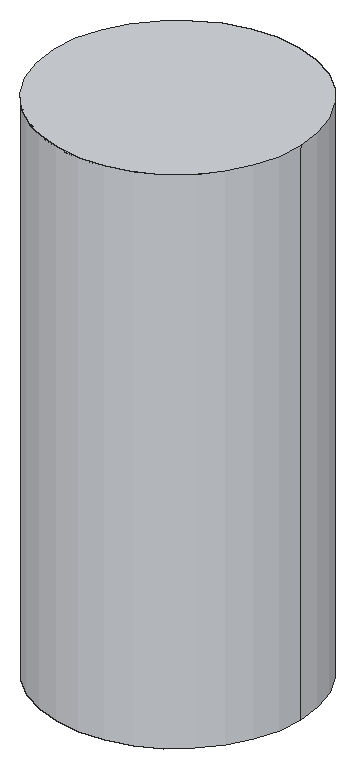
Revit family "FON-CE-O-JetGrouting", category Pilastri strutturali, Revit 2021
Family settings
  Forma sezione = Non definito
  Materiale per comportamento modello = Altro
  Esporta sempre come geometria = No
  Taglio trave in pianta = Da riquadro di delimitazione
  Basato su piano di lavoro = No
  Taglio con vuoti quando caricato = Sì
  Rappresentazione simbolica = Da famiglia
  Condiviso = No
  Mostra pretaglio famiglia in viste di pianta = Sì
Parameters (values of type "JetGrounting Ø120")
  WBS [instance] = ""
  Volume cls [instance] = Lunghezza * 3.14 * ((1.15 * Diametro perforazione) / 2) ^ 2  # 3.73738 m³
  Prospetto di default = 0.00 m
  Perforazione a vuoto [instance] = 3.00 m
  Materiale strutturale = Boiacca
  Lunghezza [instance] = 2.50 m
  Diametro perforazione = 1.20 m
  Classe cls [instance] = 0.0 MPa
Types (2, lengths in m): name | Volume cls | Diametro perforazione
  JetGrounting Ø120 | 3.73738 m³ | 1.20
  JetGrouting Ø150 | 5.83966 m³ | 1.50
Reference planes (m)
  plane 1 "Centro (Fronte/Retro)": y = 0
  plane 2: z = 0
  plane 3 "Centro (Sinistra/Destra)": x = 0
  plane 4: z = -2.5
  plane 5: through (0, -1.524, 0) normal (0.809, 0, -0.5878)
  plane 6: z = 3
Forms (m)
  Extrusion 1, solid
    sketch origin (0, 0, 0) x (1, 0, 0) y (0, 1, 0)
      loop
        circle (0, 0) r 0.6
    from -2.5 to 0
  Extrusion 2, void
    sketch origin (0, 0, 0) x (1, 0, 0) y (0, 1, 0)
      loop
        circle (0, 0) r 0.05
    from 0 to 3
Dimensions and locks (m)
  "Lunghezza": plane 2 to plane 4
  "Perforazione a vuoto": plane 6 to level
  "Diametro perforazione": diameter of Extrusion 1 sketch curve
  aligned and locked: level to plane 2
  aligned and locked: Extrusion 1 to plane 4
  aligned and locked: Extrusion 2 to level
  aligned and locked: plane 6 to Extrusion 2
Automatic sketch dimensions
  plane 1 "Centro (Fronte/Retro)" to Extrusion 2 sketch curve = 0.00 m
  Extrusion 2 sketch curve to plane 3 "Centro (Sinistra/Destra)" = 0.00 m
  plane 1 "Centro (Fronte/Retro)" to Extrusion 1 sketch curve = 0.00 m
  Extrusion 1 sketch curve to plane 3 "Centro (Sinistra/Destra)" = 0.00 m
  radius of Extrusion 2 sketch curve = 0.05 m
